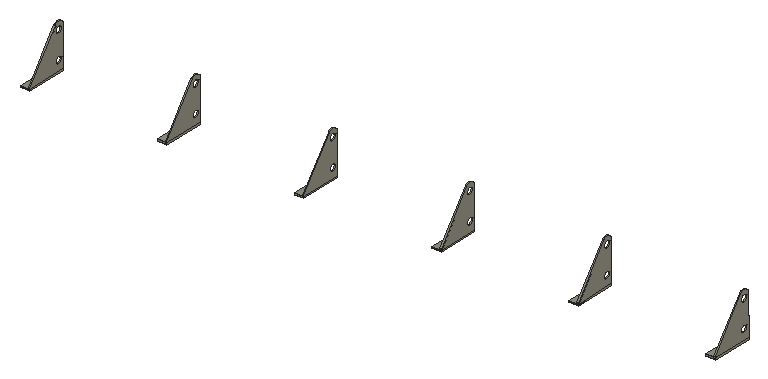
Revit family "Construction_Roof-Accessories_Alpine-SnowGuards_PP314", category Specialty Equipment, host Face, Revit 2019
Family settings
  Host = Face
  Round Connector Dimension = Use Diameter
  Part Type = Normal
  OmniClass Number = 23.35.20.31.27.14
  OmniClass Title = Snow Guards
  Cut with Voids When Loaded = No
  Shared = No
  Room Calculation Point = No
Parameters (values of type "Two Pipe")
  Z_Two Pipe = yes
  Z_Two [instance] = Z_Length > Z_Horizontal Spacing  # yes
  Z_Three Pipe = no
  Z_One [instance] = not(Z_Array)  # no
  Z_Length [instance] = if(Length < Z_Horizontal Spacing, Z_Horizontal Spacing, Length)  # 100"
  Z_Horizontal Spacing [instance] = if(Horizontal Spacing < 2", 2", Horizontal Spacing)  # 20"
  Z_Hi Hole = no
  Z_Array [instance] = and(Z_Length > Z_Horizontal Spacing * 2)  # yes
  URL = "https://www.alpinesnowguards.com/model/pp314?utm_source=bimobject&utm_medium=productlisting&utm_campaign=2022marketing"
  Snow Guard Count [instance] = if(Length < Horizontal Spacing, 1, if(and(Z_Length > Z_Horizontal Spacing, Z_Length < Z_Horizontal Spacing * 2), 2, Z_Number of Pads Control))  # 6
  Product data url = "https://www.bimobject.com/en-us/alpine-snowguards/product/pp314_two_or_three_pipe_snow_guard_for_narrow_spaces"
  Product Material = Alpine SnowGuards - Aluminium - Mill Finish
  Product Guid = "1ff4f12e-7a0c-4b22-a38a-ca1b054800a4"
  Z_Number of Pads Control [instance] = if(Z_Length / Z_Horizontal Spacing + 1 < 3, 3, rounddown(Z_Length / Z_Horizontal Spacing + 1))  # 6
  Pad Material = Alpine SnowGuards - Aluminium - Mill Finish
  Number of Pads [instance] = Length / Horizontal Spacing + 1  # 6
  Model = "PP314 - Two Pipe"
  Manufacturer = "Alpine SnowGuards"  # constant formula
  Length [instance] = 100"
  Keynote = "07720"
  Length Note [instance] = "To show a single SnowGuard set Length to 0"  # constant formula
  Horizontal Spacing = 20"
  Edition number = 1
  Description = "PP314 two or three pipe, pipe-style snow guard bracket.\r\n"  # constant formula
  Default Elevation = 48"
  Assembly Code = "B3010"
Types (4): name | Z_Two Pipe | Z_Three Pipe | Z_Hi Hole | Model
  (no name) | yes | no | no | "PP314 - Two Pipe"
  Two Pipe | yes | no | no | "PP314 - Two Pipe"
  Three Pipe | no | yes | no | "PP314 - Three Pipe"
  Hi Hole | no | no | yes | "PP314 - Hi Hole"
Reference planes (in)
  plane 1 "Center (Front/Back)": y = 0
  plane 2: z = 0
  plane 3 "Center (Left/Right)": x = 0
  plane 4: x = 100
  plane 5: z = 0.125
  plane 6: x = 20
Dimensions and locks (in)
  "Z_Length": plane 3 "Center (Left/Right)" to plane 4
  locked: plane 5 to plane 2 at 0.125
  "Z_Horizontal Spacing": plane 3 "Center (Left/Right)" to plane 6
  equal spacing: group 1, group 2, group 3, group 4, group 5, group 6  (x3)
  aligned and locked: host face to plane 2
  aligned and locked: level to host face
  aligned and locked: nested 1 to plane 3 "Center (Left/Right)"
  aligned and locked: nested 2 to plane 6
  aligned and locked: nested 1 to plane 2
  aligned and locked: nested 4 to plane 1 "Center (Front/Back)"
  aligned and locked: nested 5 to plane 1 "Center (Front/Back)"
  aligned and locked: nested 4 to plane 3 "Center (Left/Right)"
  aligned and locked: nested 5 to plane 6
  aligned and locked: nested 5 to level
  aligned and locked: nested 4 to level
Automatic sketch dimensions
  host sketch curve to host sketch curve = 135.21334"
  host sketch curve to host sketch curve = 96"
Nested families (in)
  nested 1: "Construction_Roof-Accessories_Alpine-SnowGuards_Pad-PP314" at (0, -5.35561, -0.125) x (-1, 0, 0) z (0, 0, 1), Pad Material <- "Pad Material", Three Pipe <- "Z_Three Pipe", Two Pipe <- "Z_Two Pipe", Hi Hole <- "Z_Hi Hole", visible <- "Z_Array", type "-"
    with Two Pipe yes, Three Pipe no, Pad Material Alpine SnowGuards - Aluminium - Mill Finish, Hi Hole no
  nested 2: "Construction_Roof-Accessories_Alpine-SnowGuards_Pad-PP314" at (20, -5.35561, -0.125) x (-1, 0, 0) z (0, 0, 1), Pad Material <- "Pad Material", Three Pipe <- "Z_Three Pipe", Two Pipe <- "Z_Two Pipe", Hi Hole <- "Z_Hi Hole", visible <- "Z_Array", type "-"
    with Two Pipe yes, Three Pipe no, Pad Material Alpine SnowGuards - Aluminium - Mill Finish, Hi Hole no
  nested 3: "Construction_Roof-Accessories_Alpine-SnowGuards_Pad-PP314" at (40, -5.35561, -0.125) x (-1, 0, 0) z (0, 0, 1), Pad Material <- "Pad Material", Three Pipe <- "Z_Three Pipe", Two Pipe <- "Z_Two Pipe", Hi Hole <- "Z_Hi Hole", visible <- "Z_Array", type "-"
    with Two Pipe yes, Three Pipe no, Pad Material Alpine SnowGuards - Aluminium - Mill Finish, Hi Hole no
  nested 4: "Construction_Roof-Accessories_Alpine-SnowGuards_Pad-PP314" at (0, -5.35561, -0.125) x (-1, 0, 0) z (0, 0, 1), Pad Material <- "Pad Material", visible <- "Z_One", Three Pipe <- "Z_Three Pipe", Two Pipe <- "Z_Two Pipe", Hi Hole <- "Z_Hi Hole", type "-"
    with Two Pipe yes, Three Pipe no, Pad Material Alpine SnowGuards - Aluminium - Mill Finish, Hi Hole no
  nested 5: "Construction_Roof-Accessories_Alpine-SnowGuards_Pad-PP314" at (20, -5.35561, -0.125) x (-1, 0, 0) z (0, 0, 1), Pad Material <- "Pad Material", visible <- "Z_Two", Three Pipe <- "Z_Three Pipe", Two Pipe <- "Z_Two Pipe", Hi Hole <- "Z_Hi Hole", type "-"
    with Two Pipe yes, Three Pipe no, Pad Material Alpine SnowGuards - Aluminium - Mill Finish, Hi Hole no
  nested 6: "Construction_Roof-Accessories_Alpine-SnowGuards_Pad-PP314" at (60, -5.35561, -0.125) x (-1, 0, 0) z (0, 0, 1), Pad Material <- "Pad Material", Three Pipe <- "Z_Three Pipe", Two Pipe <- "Z_Two Pipe", Hi Hole <- "Z_Hi Hole", visible <- "Z_Array", type "-"
    with Two Pipe yes, Three Pipe no, Pad Material Alpine SnowGuards - Aluminium - Mill Finish, Hi Hole no
  nested 7: "Construction_Roof-Accessories_Alpine-SnowGuards_Pad-PP314" at (80, -5.35561, -0.125) x (-1, 0, 0) z (0, 0, 1), Pad Material <- "Pad Material", Three Pipe <- "Z_Three Pipe", Two Pipe <- "Z_Two Pipe", Hi Hole <- "Z_Hi Hole", visible <- "Z_Array", type "-"
    with Two Pipe yes, Three Pipe no, Pad Material Alpine SnowGuards - Aluminium - Mill Finish, Hi Hole no
  nested 8: "Construction_Roof-Accessories_Alpine-SnowGuards_Pad-PP314" at (100, -5.35561, -0.125) x (-1, 0, 0) z (0, 0, 1), Pad Material <- "Pad Material", Three Pipe <- "Z_Three Pipe", Two Pipe <- "Z_Two Pipe", Hi Hole <- "Z_Hi Hole", visible <- "Z_Array", type "-"
    with Two Pipe yes, Three Pipe no, Pad Material Alpine SnowGuards - Aluminium - Mill Finish, Hi Hole no
Definition of nested family "Construction_Roof-Accessories_Alpine-SnowGuards_Pad-PP314"
  Parameters (values of type "-")
    Hi Hole [instance] = yes
    Two Pipe [instance] = yes
    Three Pipe [instance] = yes
    Pad Material [instance] = none
  Reference planes (in)
    plane 1 "Center (Front/Back)": y = 0
    plane 2: z = 0
    plane 3 "Center (Left/Right)": x = 0
    plane 4: y = -12
    plane 5: x = -3
    plane 6: x = 3
    plane 7: y = -6
    plane 8: y = -5.35561
  Forms (in)
    Extrusion 1, solid, material <- "Pad Material"
      sketch origin (0, 0, 0) x (1, 0, 0) y (0, 0, 1)
        loop
          line (-0.71875, 0.3125) -> (-0.71875, 0.125) -> (0.71875, 0.125) -> (0.71875, 0.3125) -> (-0.71875, 0.3125)
      from 0.13728 to 6.13728
    Sweep 2, solid, material <- "Pad Material", visible <- "Two Pipe", detail levels fine
      path origin (-0.625, 0, -0.125) x (1, 0, 0) y (0, 0, 1)
        loop
          line (-0.09375, 0.4375) -> (0.09375, 0.4375)
      profile origin (-0.625, 0, 0.3125) x (0, 0, 1) y (0, -1, 0)
        loop
          line (0, 0.13728) -> (0.11115, 0.13728) -> (6.31868, 4.76534)
          arc (6.31868, 4.76534) -> (6.58627, 5.61558) -> (5.86354, 6.13728) r 0.76146
          line (5.86354, 6.13728) -> (0, 6.13728) -> (0, 0.13728)
        loop
          circle (5.53135, 5.34534) r 0.53125
        loop
          circle (1.53671, 5.35561) r 0.53125
    Sweep 3, solid, material <- "Pad Material", visible <- "Three Pipe", detail levels fine
      path origin (-0.625, 0, -0.125) x (1, 0, 0) y (0, 0, 1)
        loop
          line (-0.09375, 0.4375) -> (0.09375, 0.4375)
      profile origin (-0.625, 0, 0.3125) x (0, 0, 1) y (0, -1, 0)
        loop
          line (0, 0.13728) -> (0.11115, 0.13728) -> (6.31868, 4.76534)
          arc (6.31868, 4.76534) -> (6.58627, 5.61558) -> (5.86354, 6.13728) r 0.76146
          line (5.86354, 6.13728) -> (0, 6.13728) -> (0, 0.13728)
        loop
          circle (5.53125, 5.35561) r 0.53125
        loop
          circle (3.34375, 5.35561) r 0.53125
        loop
          circle (1.21875, 5.35561) r 0.53125
    Sweep 4, solid, material <- "Pad Material", visible <- "Hi Hole", detail levels fine
      path origin (-0.625, 0, -0.125) x (1, 0, 0) y (0, 0, 1)
        loop
          line (-0.09375, 0.4375) -> (0.09375, 0.4375)
      profile origin (-0.625, 0, 0.3125) x (0, 0, 1) y (0, -1, 0)
        loop
          arc (6.31868, 4.76534) -> (6.58627, 5.61558) -> (5.86354, 6.13728) r 0.76146
          line (5.86354, 6.13728) -> (0, 6.13728) -> (0, 0.13728) -> (0.11115, 0.13728) -> (6.31868, 4.76534)
        loop
          circle (5.53125, 5.35561) r 0.53125
        loop
          circle (3.53125, 5.35561) r 0.53125
    Sweep 5, solid, material <- "Pad Material", detail levels coarse+medium
      path origin (-0.625, -8, -0.125) x (1, 0, 0) y (0, 0, 1)
        loop
          line (-0.09375, 0.4375) -> (0.09375, 0.4375)
      profile origin (-0.625, -8, 0.3125) x (0, 0, 1) y (0, -1, 0)
        loop
          arc (6.31868, -3.23466) -> (6.58627, -2.38442) -> (5.86354, -1.86272) r 0.76146
          line (5.86354, -1.86272) -> (0, -1.86272) -> (0, -7.86272) -> (0.11115, -7.86272) -> (6.31868, -3.23466)
  Dimensions and locks (in)
    locked: plane 4 to plane 1 "Center (Front/Back)" at 12
    equal spacing: plane 5, plane 3 "Center (Left/Right)", plane 6
    plane 5 to plane 6 = 6"
    locked: plane 7 to plane 4 at 6
    locked: Extrusion 1 sketch curve to plane 2 at 0.125
    locked: Extrusion 1 sketch curve to Extrusion 1 sketch curve at 0.1875
    locked: plane 8 to plane 7 at 0.64439
    locked: Extrusion 1 sketch curve to plane 5 at 2.28125
    aligned and locked: level to plane 2
  Automatic sketch dimensions
    Sweep 2 sketch curve to plane 3 "Center (Left/Right)" = 23/32"
    Sweep 2 sketch curve to plane 3 "Center (Left/Right)" = 17/32"
    level to Sweep 2 sketch curve = 5/16"
    Sweep 3 sketch curve to plane 3 "Center (Left/Right)" = 23/32"
    Sweep 3 sketch curve to plane 3 "Center (Left/Right)" = 17/32"
    level to Sweep 3 sketch curve = 5/16"
    Sweep 4 sketch curve to plane 3 "Center (Left/Right)" = 23/32"
    Sweep 4 sketch curve to plane 3 "Center (Left/Right)" = 17/32"
    level to Sweep 4 sketch curve = 5/16"
    plane 3 "Center (Left/Right)" to Extrusion 1 sketch curve = 23/32"
    profile plane to Sweep 4 sketch curve = 0"
    Sweep 4 sketch curve to profile plane = 0.11115"
    Sweep 4 sketch curve to profile plane = 3 17/32"
    Sweep 4 sketch curve to Sweep 4 sketch curve = 0.33229"
    Sweep 4 sketch curve to Sweep 4 sketch curve = 0.45514"
    plane 1 "Center (Front/Back)" to Sweep 4 sketch curve = 0.13728"
    plane 1 "Center (Front/Back)" to Sweep 4 sketch curve = 4.76534"
    Sweep 4 sketch curve to Sweep 4 sketch curve = 0.59027"
    Sweep 4 sketch curve to Sweep 4 sketch curve = 0"
    Sweep 4 sketch curve to Sweep 4 sketch curve = 0.0202"
    Sweep 4 sketch curve to Sweep 4 sketch curve = 2"
    profile plane to Sweep 3 sketch curve = 0"
    Sweep 3 sketch curve to profile plane = 0.11115"
    Sweep 3 sketch curve to profile plane = 1 7/32"
    Sweep 3 sketch curve to Sweep 3 sketch curve = 2 1/8"
    Sweep 3 sketch curve to Sweep 3 sketch curve = 2 3/16"
    Sweep 3 sketch curve to Sweep 3 sketch curve = 0.33229"
    Sweep 3 sketch curve to Sweep 3 sketch curve = 0.45514"
    plane 1 "Center (Front/Back)" to Sweep 3 sketch curve = 0.13728"
    plane 1 "Center (Front/Back)" to Sweep 3 sketch curve = 4.76534"
    Sweep 3 sketch curve to Sweep 3 sketch curve = 0.59027"
    Sweep 3 sketch curve to Sweep 3 sketch curve = 0"  (x2)
    Sweep 3 sketch curve to Sweep 3 sketch curve = 0.0202"
    profile plane to Sweep 2 sketch curve = 0"
    Sweep 2 sketch curve to Sweep 2 sketch curve = 0.11115"
    Sweep 2 sketch curve to profile plane = 1.53671"
    Sweep 2 sketch curve to Sweep 2 sketch curve = 3.99464"
    Sweep 2 sketch curve to Sweep 2 sketch curve = 0.33219"
    Sweep 2 sketch curve to Sweep 2 sketch curve = 0.45514"
    plane 1 "Center (Front/Back)" to Sweep 2 sketch curve = 0.13728"
    plane 1 "Center (Front/Back)" to Sweep 2 sketch curve = 4.76534"
    Sweep 2 sketch curve to Sweep 2 sketch curve = 0.58"
    Sweep 2 sketch curve to Sweep 2 sketch curve = 0.01027"
    Sweep 2 sketch curve to Sweep 2 sketch curve = 0.03047"
    level to Sweep 5 sketch curve = 5/16"
    Sweep 5 sketch curve to plane 3 "Center (Left/Right)" = 23/32"
    Sweep 5 sketch curve to Sweep 5 sketch curve = 3/16"
    profile plane to Sweep 5 sketch curve = 0"
    Sweep 5 sketch curve to Sweep 5 sketch curve = 0.11115"
    Sweep 5 sketch curve to Sweep 5 sketch curve = 0.45514"
    Sweep 5 sketch curve to profile plane = 7.86272"
    Sweep 5 sketch curve to profile plane = 3.23466"
    Sweep 5 sketch curve to profile plane = 5.86354"
    Sweep 5 sketch curve to Sweep 5 sketch curve = 0.61047"
    radius of Sweep 4 sketch curve = 17/32"  (x2)
    radius of Sweep 3 sketch curve = 17/32"  (x3)
    radius of Sweep 2 sketch curve = 17/32"  (x2)
